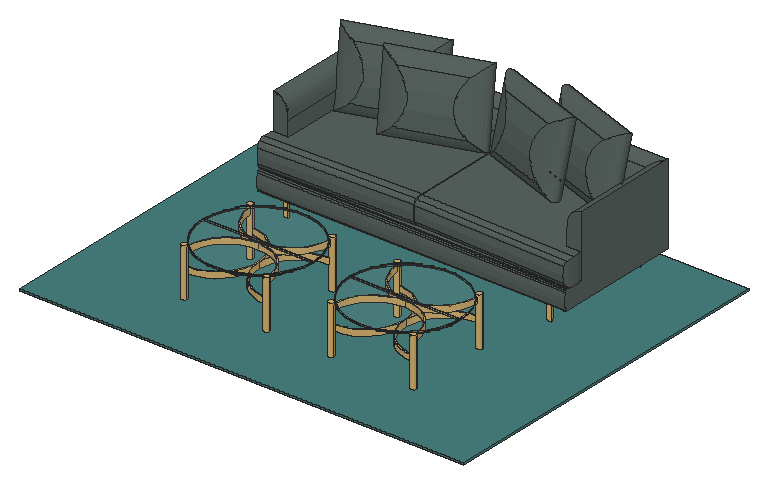
Revit family "Gus-Margot_01_Layout-Teknion-R2016", category Furniture Systems, Revit 2016
Family settings
  Part Type = Normal
  Round Connector Dimension = Use Diameter
  OmniClass Number = 23.40.70.14.64.21
  OmniClass Title = Systems Furniture
  Work Plane-Based = No
  Always vertical = Yes
  Cut with Voids When Loaded = No
  Shared = Yes
  Room Calculation Point = No
Parameters (values of type "Margot 01")
  Warranty = "https://d2r72yk5wmppdj.cloudfront.net/m/03d6e2ec3734b7d8/original/"
  URL = "http://www.teknion.com/ca/products/landing-pages/gus-modern"
  Series = "Gus Modern"  # constant formula
  Product Page URL = "http://teknionplanningtool.com/"
  Product Line = "Gus Modern"  # constant formula
  Model = "Gus - Margot Layout 01"
  Manufacturer Phone = "416.534.0773 x37"  # constant formula
  Manufacturer Fax = "416.534.2452"  # constant formula
  Manufacturer Contact Information = "Teknion@gusdesigngroup.com"
  Manufacturer Address = "223 Evans Avenue. Toronto, Ontario, Canada. M8Z 1J5"  # constant formula
  Manufacturer = "Gus* Modern"  # constant formula
  How to Add Texture Images to your Revit Project [instance] = "https://assets.teknion.com/m/205dd0a49fa58060/original/How-to-add-a-Material-Library-and-Texture-Images-to-your-Revit-project.pdf"
  Download Gus Texture Images to create renders [instance] = "https://assets.teknion.com/m/29cde7a75cc33916/original/Gus_Materials-Tileable.zip&sa=D&source=hangouts&ust=1586961390137000&usg=AFQjCNGxXSYn9ovBZDnVxL7hRXyzMWMijw"
  Description = "8'-0\" x 10'-0\" Overall"
  Assembly Code = "E2020200"
Reference planes (in)
  plane 1 "Center F/B": y = 2.24484
  plane 2: z = 0
  plane 3 "Center L/R": x = -0.49608
  plane 4 "Top": z = 29
  plane 5: x = -60.49608
  plane 6: y = -45.74729
  plane 7: y = 50.23696
  plane 8: x = 59.50392
Dimensions and locks (in)
  locked: plane 4 "Top" to level at 29
  equal spacing: plane 5, plane 3 "Center L/R", plane 8
  equal spacing: plane 7, plane 1 "Center F/B", plane 6
  plane 7 to plane 6 = 95.98425"
  plane 5 to plane 8 = 120.000"
  aligned and locked: level to plane 2
Nested families (in)
  nested 1: "Seating-Sofa-Teknion-ECSFMARG_Margot-R2016" at (-0.49608, 28.67737, 0), type "Velvet Spruce Brass Legs"
  nested 2: "Rug-Teknion-ECRGGRAD_Gradient-R2016" at (5.78738, 0.80389, 0) x (0, -1, 0) z (0, 0, 1), type "Boreal 8x10"
  nested 3: "Table-Teknion-ECCTCOMP_Compass-R2016" at (-19.90374, -16.02306, 0), type "Champagne"
  nested 4: "Table-Teknion-ECCTCOMP_Compass-R2016" at (19.82191, -16.02293, 0), type "Champagne"
Definition of nested family "Seating-Sofa-Teknion-ECSFMARG_Margot-R2016"
  Parameters (values of type "Velvet London Brass Legs")
    Warranty = "https://d2r72yk5wmppdj.cloudfront.net/m/03d6e2ec3734b7d8/original/Gus-Limited-Warranty.pdf"
    URL = "http://www.teknion.com/ca/products/landing-pages/gus-modern"
    Series = "Gus Modern"  # constant formula
    Seat Upholstery Finish = none
    Seat Paint Finish = none
    Product Page URL = "http://www.teknion.com/ca/products/landing-pages/gus-modern"
    Product Line = "Margot"
    Part Number = "ECSFMARG"
    Model = "ECSFMARG-vellon"
    Manufacturer Phone = "416.534.0773 x37"  # constant formula
    Manufacturer Fax = "416.534.2452"  # constant formula
    Manufacturer Contact Information = "Teknion@gusdesigngroup.com"
    Manufacturer Address = "223 Evans Avenue. Toronto, Ontario. Canada. M8Z 1J5"  # constant formula
    Manufacturer = "Gus* Modern"  # constant formula
    Description = "Margot Sofa Velvet London Brass Legs"
    Assembly Code = "E2020200"
  Types (10): name | Model | Description
    Velvet London Brass Legs | "ECSFMARG-vellon" | "Margot Sofa Velvet London Brass Legs"
    Velvet London Black Legs | "ECSFMARG-vellon" | "Margot Sofa Velvet London Black Legs"
    Velvet Midnight Black Legs | "ECSFMARG-velmid" | "Margot Sofa Velvet Midnight Black Legs"
    Velvet Midnight Brass Legs | "ECSFMARG-velmid" | "Margot Sofa Velvet Midnight Brass Legs"
    Velvet Spruce Brass Legs | "ECSFMARG-velspr" | "Margot Sofa Velvet Spruce Brass Legs"
    Velvet Spruce Black Legs | "ECSFMARG-velspr" | "Margot Sofa Velvet Spruce Black Legs"
    Velvet Blush Black Legs | "ECSFMARG-velblu" | "Margot Sofa Velvet Blush Black Legs"
    Velvet Blush Brass Legs | "ECSFMARG-velblu" | "Margot Sofa Velvet Blush Brass Legs"
    Thea Moonstone Brass Legs | "ECSFMARG-THEMOO" | "Margot Sofa Thea Moonstone Brass Legs"
    Thea Moonstone Black Legs | "ECSFMARG-THEMOO" | "Margot Sofa Thea Moonstone Black Legs"
  Reference planes (in)
    plane 1 "Center Front/Back": y = 0
    plane 2: z = 0
    plane 3 "Center Left/Right": x = 0
    plane 4 "Left": x = -41.58203
    plane 5 "Right": x = 41.58203
    plane 6 "Back": y = 17.44787
    plane 7 "Front": y = -17.449
    plane 8 "Top": z = 63
    plane 9: through (-0.23616, -16.29145, 48) normal (0.0281, -0.9996, 0)
    plane 10: through (0.00541, -16.29145, 48) normal (0.0281, 0.9996, 0)
    plane 11 "CUT": through (-37.35666, -4.14035, 48) normal (-0.9455, -0.3256, 0)
    plane 12: through (-40.88725, -4.12316, 17.26753) normal (-0.3185, 0.9249, -0.2079)
    plane 13 "Cut": through (-42.29454, -0.03611, 37.60354) normal (-0.0677, 0.1966, 0.9781)
  Forms (in)
    Sweep 1, solid, material <- "Seat Paint Finish"
      path origin (0, 0, 0) x (1, 0, 0) y (0, 0, 1)
        loop
          line (0, 0) -> (0, 5.31501)
      profile origin (0, 0, 2.6575) x (-1, 0, 0) y (0, -1, 0)
        loop
          circle (35.7743, 14.8815) r 0.55
        loop
          circle (-35.47743, 14.89712) r 0.55
        loop
          circle (35.7743, -15.24575) r 0.55
        loop
          circle (-35.49305, -15.23404) r 0.55
    Sweep 2, solid, material <- "Seat Paint Finish"
      path origin (-0.125, 0, 0) x (1, 0, 0) y (0, 0, 1)
        loop
          line (0, 5.39375) -> (0, 5.31501)
      profile origin (-0.125, 0, 5.35438) x (0, -1, 0) y (1, 0, 0)
        loop
          circle (14.8815, -35.65088) r 0.75
        loop
          circle (-15.24868, -35.64307) r 0.75
        loop
          circle (14.89712, 35.59619) r 0.75
        loop
          circle (-15.23306, 35.61182) r 0.75
    Sweep 3, solid, material <- "Seat Upholstery Finish"
      path origin (0, 0, 0) x (1, 0, 0) y (0, 1, 0)
        loop
          line (0, -11.796) -> (0, 17.44787)
      profile origin (0, 2.82594, 0) x (-1, 0, 0) y (0, 0, 1)
        loop
          line (41.58203, 10.56121) -> (41.58203, 27.20952)
          spline (41.58203, 27.20952) -> (40.89606, 27.00588) -> (40.28833, 26.77894) -> (39.7553, 26.52087) -> (39.29342, 26.22384) -> (38.89915, 25.88002) -> (38.56894, 25.48159) -> (38.29926, 25.0207) -> (38.08655, 24.48955) -> (37.92728, 23.88028) -> (37.81791, 23.18508) -> (37.75488, 22.39612) -> (37.73466, 21.50556)
          line (37.73466, 21.50556) -> (37.73466, 10.56121) -> (41.58203, 10.56121)
        loop
          line (-41.58203, 10.56121) -> (-37.73466, 10.56121) -> (-37.73466, 21.50556)
          spline (-37.73466, 21.50556) -> (-37.75488, 22.39612) -> (-37.81791, 23.18508) -> (-37.92728, 23.88028) -> (-38.08655, 24.48955) -> (-38.29926, 25.0207) -> (-38.56894, 25.48159) -> (-38.89915, 25.88002) -> (-39.29342, 26.22384) -> (-39.7553, 26.52087) -> (-40.28833, 26.77894) -> (-40.89606, 27.00588) -> (-41.58203, 27.20952)
          line (-41.58203, 27.20952) -> (-41.58203, 10.56121)
    Sweep 4, solid, material <- "Seat Upholstery Finish"
      path origin (0, 0, 0) x (1, 0, 0) y (0, 1, 0)
        loop
          line (-41.41797, 0) -> (41.33203, 0)
      profile origin (-0.04297, 0, 0) x (0, 1, 0) y (0, 0, 1)
        loop
          arc (17.44787, 27.20952) -> (15.55842, 26.8023) -> (14.10822, 25.52452) r 3.83122
          arc (14.10822, 25.52452) -> (13.03972, 23.38186) -> (12.56232, 21.03564) r 9.16993
          line (12.56232, 21.03564) -> (11.82987, 10.56121) -> (17.44787, 10.56121) -> (17.44787, 27.20952)
    Sweep 5, solid, material <- "Seat Upholstery Finish"
      path origin (0, 0, 0) x (1, 0, 0) y (0, 1, 0)
        loop
          line (-41.58203, 0) -> (41.58203, 0)
      profile origin (0, 0, 0) x (0, 1, 0) y (0, 0, 1)
        loop
          line (17.44787, 10.56121) -> (-16.16101, 10.56121)
          arc (-16.16101, 10.56121) -> (-16.35114, 10.5483) -> (-16.53777, 10.50979) r 1.40592
          arc (-16.53777, 10.50979) -> (-16.76321, 10.41879) -> (-16.96269, 10.27982) r 1.08388
          arc (-16.96269, 10.27982) -> (-17.09263, 10.12183) -> (-17.17035, 9.9326) r 0.68772
          arc (-17.17035, 9.9326) -> (-17.42703, 7.8076) -> (-17.17035, 5.6826) r 8.9246
          arc (-17.17035, 5.6826) -> (-17.03613, 5.47458) -> (-16.80213, 5.39375) r 0.37912
          line (-16.80213, 5.39375) -> (17.44787, 5.39375) -> (17.44787, 10.56121)
    Sweep 6, solid, material <- "Seat Upholstery Finish"
      path origin (0, 0, 0) x (1, 0, 0) y (0, 0, 1)
        loop
          line (0, 10.56121) -> (0, 17.56121)
      profile origin (0, 0, 14.06121) x (-1, 0, 0) y (0, -1, 0)
        loop
          line (37.73466, -11.68126) -> (37.73466, 11.80477) -> (41.58203, 11.80477)
          arc (41.58203, 11.80477) -> (42.02127, 14.64753) -> (41.36864, 17.449) r 7.57258
          line (41.36864, 17.449) -> (0.23616, 16.29145) -> (0.23616, -11.68126) -> (37.73466, -11.68126)
        loop
          line (-37.5039, -11.68126) -> (-0.00541, -11.68126) -> (-0.00541, 16.29145) -> (-41.13789, 17.449)
          arc (-41.13789, 17.449) -> (-41.79052, 14.64753) -> (-41.35128, 11.80477) r 7.57258
          line (-41.35128, 11.80477) -> (-37.5039, 11.80477) -> (-37.5039, -11.68126)
    Sweep 7, void
      path origin (0, 0, 0) x (1, 0, 0) y (0, 1, 0)
        loop
          line (-42.34866, -17.47658) -> (-0.11538, -16.28805)
      profile origin (-21.23202, -16.88232, 0) x (-0.028131, 0.999604, 0) y (0, 0, 1)
        loop
          line (2.8125, 17.56121) -> (4.0625, 17.56121) -> (4.0625, 20.56121) -> (-3.9375, 20.56121) -> (-3.9375, 7.56121) -> (4.0625, 7.56121) -> (4.0625, 10.56121) -> (2.8125, 10.56121)
          arc (2.8125, 10.56121) -> (1.89577, 10.66873) -> (1.02879, 10.98545) r 3.96196
          arc (1.02879, 10.98545) -> (0.49589, 11.42793) -> (0.20974, 12.05872) r 1.54575
          arc (0.20974, 12.05872) -> (0.0089, 14.06121) -> (0.20974, 16.06371) r 10.08359
          arc (0.20974, 16.06371) -> (0.49589, 16.6945) -> (1.02879, 17.13698) r 1.54575
          arc (1.02879, 17.13698) -> (1.89577, 17.4537) -> (2.8125, 17.56121) r 3.96196
    Sweep 8, void
      path origin (0, 0, 0) x (1, 0, 0) y (0, 1, 0)
        loop
          line (42.1174, -17.47658) -> (-0.11588, -16.28805)
      profile origin (21.00076, -16.88232, 0) x (-0.028131, -0.999604, 0) y (0, 0, 1)
        loop
          arc (-2.8125, 17.56121) -> (-1.89577, 17.4537) -> (-1.02879, 17.13698) r 3.96196
          arc (-1.02879, 17.13698) -> (-0.49589, 16.6945) -> (-0.20974, 16.06371) r 1.54575
          arc (-0.20974, 16.06371) -> (-0.0089, 14.06121) -> (-0.20974, 12.05872) r 10.08359
          arc (-0.20974, 12.05872) -> (-0.49589, 11.42793) -> (-1.02879, 10.98545) r 1.54575
          arc (-1.02879, 10.98545) -> (-1.89577, 10.66873) -> (-2.8125, 10.56121) r 3.96196
          line (-2.8125, 10.56121) -> (-4.0625, 10.56121) -> (-4.0625, 7.56121) -> (3.9375, 7.56121) -> (3.9375, 20.56121) -> (-4.0625, 20.56121) -> (-4.0625, 17.56121) -> (-2.8125, 17.56121)
    Sweep 9, solid, material <- "Seat Upholstery Finish"
      path origin (2, 0.98473, 0) x (1, 0, 0) y (0, 1, 0)
        loop
          line (-26.61622, 1.24219) -> (-2.97825, 9.38139)
      profile origin (-12.79724, 6.29652, 0) x (-0.325568, 0.945519, 0) y (0, 0, 1)
        loop
          spline (6.13072, 32.98525) -> (5.81758, 34.0052) -> (5.46918, 34.85931) -> (5.08553, 35.54757) -> (4.66663, 36.06997) -> (4.21247, 36.42652) -> (3.72306, 36.61722) -> (3.1984, 36.64207) -> (2.63849, 36.50106) -> (2.04332, 36.19421) -> (1.4129, 35.7215) -> (0.74723, 35.08294) -> (0.04631, 34.27853)
          arc (0.04631, 34.27853) -> (-2.37675, 27.63718) -> (-2.86446, 20.58446) r 25.25992
          spline (-2.86446, 20.58446) -> (-2.55131, 19.5645) -> (-2.20292, 18.7104) -> (-1.81927, 18.02214) -> (-1.40037, 17.49974) -> (-0.94621, 17.14319) -> (-0.4568, 16.95249) -> (0.06786, 16.92764) -> (0.62777, 17.06864) -> (1.22294, 17.3755) -> (1.85336, 17.84821) -> (2.51903, 18.48677) -> (3.21996, 19.29118)
          arc (3.21996, 19.29118) -> (5.64301, 25.93253) -> (6.13072, 32.98525) r 25.25992
    Sweep 10, void
      path origin (-34.76272, -11.67369, -0.17409) x (0.325568, -0.945519, 0) y (0, 0, 1)
        loop
          line (-13.73562, 37.60354) -> (-8.95365, 15.10615)
      profile origin (-38.45617, -0.94713, 26.18076) x (0.318454, -0.924857, 0.207912) y (-0.945519, -0.325568, 0)
        loop
          line (4.09946, -31.90756) -> (4.09946, -21.33104)
          spline (4.09946, -21.33104) -> (3.41622, -19.12818) -> (2.73297, -17.32584) -> (2.04973, -15.92402) -> (1.36649, -14.92272) -> (0.68324, -14.32194) -> (0, -14.12168) -> (-0.68324, -14.32194) -> (-1.36649, -14.92272) -> (-2.04973, -15.92402) -> (-2.73297, -17.32584) -> (-3.41622, -19.12818) -> (-4.09946, -21.33104)
          line (-4.09946, -21.33104) -> (-4.09946, -31.90756)
          spline (-4.09946, -31.90756) -> (-3.41622, -34.11042) -> (-2.73297, -35.91276) -> (-2.04973, -37.31458) -> (-1.36649, -38.31588) -> (-0.68324, -38.91666) -> (0, -39.11691) -> (0.68324, -38.91666) -> (1.36649, -38.31588) -> (2.04973, -37.31458) -> (2.73297, -35.91276) -> (3.41622, -34.11042) -> (4.09946, -31.90756)
        loop
          line (6.21035, -41.93993) -> (6.21035, -11.18993) -> (-6.53965, -11.18993) -> (-6.53965, -41.93993) -> (6.21035, -41.93993)
    Sweep 11, solid, material <- "Seat Upholstery Finish"
      path origin (-11.15865, 2.83947, 0) x (1, 0, 0) y (0, 1, 0)
        loop
          line (-26.61622, 1.24219) -> (-2.97825, 9.38139)
      profile origin (-25.95589, 8.15126, 0) x (-0.325568, 0.945519, 0) y (0, 0, 1)
        loop
          spline (6.13072, 33.15934) -> (5.81758, 34.1793) -> (5.46918, 35.0334) -> (5.08553, 35.72166) -> (4.66663, 36.24406) -> (4.21247, 36.60061) -> (3.72306, 36.79131) -> (3.1984, 36.81616) -> (2.63849, 36.67515) -> (2.04332, 36.3683) -> (1.4129, 35.89559) -> (0.74723, 35.25703) -> (0.04631, 34.45262)
          arc (0.04631, 34.45262) -> (-2.37675, 27.81127) -> (-2.86446, 20.75855) r 25.25992
          spline (-2.86446, 20.75855) -> (-2.55131, 19.73859) -> (-2.20292, 18.88449) -> (-1.81927, 18.19623) -> (-1.40037, 17.67383) -> (-0.94621, 17.31728) -> (-0.4568, 17.12658) -> (0.06786, 17.10173) -> (0.62777, 17.24273) -> (1.22294, 17.54959) -> (1.85336, 18.0223) -> (2.51903, 18.66086) -> (3.21996, 19.46527)
          arc (3.21996, 19.46527) -> (5.64301, 26.10662) -> (6.13072, 33.15934) r 25.25992
    Sweep 12, void
      path origin (-45.83023, -9.09891, 0) x (0.325568, -0.945519, 0) y (0, 0, 1)
        loop
          line (-13.73562, 37.60354) -> (-8.95365, 15.10615)
      profile origin (-49.52368, 1.62765, 26.35485) x (0.318454, -0.924857, 0.207912) y (-0.945519, -0.325568, 0)
        loop
          line (4.09946, -29.69593) -> (4.09946, -19.11941)
          spline (4.09946, -19.11941) -> (3.41622, -16.91655) -> (2.73297, -15.11421) -> (2.04973, -13.71239) -> (1.36649, -12.71109) -> (0.68324, -12.11031) -> (0, -11.91005) -> (-0.68324, -12.11031) -> (-1.36649, -12.71109) -> (-2.04973, -13.71239) -> (-2.73297, -15.11421) -> (-3.41622, -16.91655) -> (-4.09946, -19.11941)
          line (-4.09946, -19.11941) -> (-4.09946, -29.69593)
          spline (-4.09946, -29.69593) -> (-3.41622, -31.89878) -> (-2.73297, -33.70112) -> (-2.04973, -35.10294) -> (-1.36649, -36.10424) -> (-0.68324, -36.70502) -> (0, -36.90528) -> (0.68324, -36.70502) -> (1.36649, -36.10424) -> (2.04973, -35.10294) -> (2.73297, -33.70112) -> (3.41622, -31.89878) -> (4.09946, -29.69593)
        loop
          line (6.21035, -39.7283) -> (6.21035, -8.9783) -> (-6.53965, -8.9783) -> (-6.53965, -39.7283) -> (6.21035, -39.7283)
    Sweep 13, solid, material <- "Seat Upholstery Finish"
      path origin (-2.5, 0.98381, 0) x (-1, 0, 0) y (0, 1, 0)
        loop
          line (-26.61622, 1.24219) -> (-2.97825, 9.38139)
      profile origin (12.29724, 6.2956, 0) x (-0.325568, -0.945519, 0) y (0, 0, 1)
        loop
          arc (-6.13072, 32.98013) -> (-5.64301, 25.92741) -> (-3.21996, 19.28606) r 25.25992
          spline (-3.21996, 19.28606) -> (-2.51903, 18.48165) -> (-1.85336, 17.84309) -> (-1.22294, 17.37038) -> (-0.62777, 17.06352) -> (-0.06786, 16.92252) -> (0.4568, 16.94737) -> (0.94621, 17.13807) -> (1.40037, 17.49462) -> (1.81927, 18.01702) -> (2.20292, 18.70528) -> (2.55131, 19.55938) -> (2.86446, 20.57934)
          arc (2.86446, 20.57934) -> (2.37675, 27.63206) -> (-0.04631, 34.27341) r 25.25992
          spline (-0.04631, 34.27341) -> (-0.74723, 35.07782) -> (-1.4129, 35.71638) -> (-2.04332, 36.18909) -> (-2.63849, 36.49594) -> (-3.1984, 36.63695) -> (-3.72306, 36.6121) -> (-4.21247, 36.4214) -> (-4.66663, 36.06485) -> (-5.08553, 35.54245) -> (-5.46918, 34.85419) -> (-5.81758, 34.00008) -> (-6.13072, 32.98013)
    Sweep 14, void
      path origin (32.17158, -10.95457, -0.17921) x (-0.325568, -0.945519, 0) y (0, 0, -1)
        loop
          line (-13.73562, -37.60354) -> (-8.95365, -15.10615)
      profile origin (35.86503, -0.22801, 26.17564) x (0.318454, 0.924857, -0.207912) y (0.945519, -0.325568, 0)
        loop
          spline (-4.09946, -29.69593) -> (-3.41622, -31.89878) -> (-2.73297, -33.70112) -> (-2.04973, -35.10294) -> (-1.36649, -36.10424) -> (-0.68324, -36.70502) -> (0, -36.90528) -> (0.68324, -36.70502) -> (1.36649, -36.10424) -> (2.04973, -35.10294) -> (2.73297, -33.70112) -> (3.41622, -31.89878) -> (4.09946, -29.69593)
          line (4.09946, -29.69593) -> (4.09946, -19.11941)
          spline (4.09946, -19.11941) -> (3.41622, -16.91655) -> (2.73297, -15.11421) -> (2.04973, -13.71239) -> (1.36649, -12.71109) -> (0.68324, -12.11031) -> (0, -11.91005) -> (-0.68324, -12.11031) -> (-1.36649, -12.71109) -> (-2.04973, -13.71239) -> (-2.73297, -15.11421) -> (-3.41622, -16.91655) -> (-4.09946, -19.11941)
          line (-4.09946, -19.11941) -> (-4.09946, -29.69593)
        loop
          line (-6.21035, -39.7283) -> (6.53965, -39.7283) -> (6.53965, -8.9783) -> (-6.21035, -8.9783) -> (-6.21035, -39.7283)
    Sweep 15, solid, material <- "Seat Upholstery Finish"
      path origin (11.15865, 2.83947, 0) x (-1, 0, 0) y (0, 1, 0)
        loop
          line (-26.61622, 1.24219) -> (-2.97825, 9.38139)
      profile origin (25.95589, 8.15126, 0) x (-0.325568, -0.945519, 0) y (0, 0, 1)
        loop
          arc (-6.13072, 33.15934) -> (-5.64301, 26.10662) -> (-3.21996, 19.46527) r 25.25992
          spline (-3.21996, 19.46527) -> (-2.51903, 18.66086) -> (-1.85336, 18.0223) -> (-1.22294, 17.54959) -> (-0.62777, 17.24273) -> (-0.06786, 17.10173) -> (0.4568, 17.12658) -> (0.94621, 17.31728) -> (1.40037, 17.67383) -> (1.81927, 18.19623) -> (2.20292, 18.88449) -> (2.55131, 19.73859) -> (2.86446, 20.75855)
          arc (2.86446, 20.75855) -> (2.37675, 27.81127) -> (-0.04631, 34.45262) r 25.25992
          spline (-0.04631, 34.45262) -> (-0.74723, 35.25703) -> (-1.4129, 35.89559) -> (-2.04332, 36.3683) -> (-2.63849, 36.67515) -> (-3.1984, 36.81616) -> (-3.72306, 36.79131) -> (-4.21247, 36.60061) -> (-4.66663, 36.24406) -> (-5.08553, 35.72166) -> (-5.46918, 35.0334) -> (-5.81758, 34.1793) -> (-6.13072, 33.15934)
    Sweep 16, void
      path origin (45.83023, -9.09891, 0) x (-0.325568, -0.945519, 0) y (0, 0, -1)
        loop
          line (-13.73562, -37.60354) -> (-8.95365, -15.10615)
      profile origin (49.52368, 1.62765, 26.35485) x (0.318454, 0.924857, -0.207912) y (0.945519, -0.325568, 0)
        loop
          spline (-4.09946, -29.69593) -> (-3.41622, -31.89878) -> (-2.73297, -33.70112) -> (-2.04973, -35.10294) -> (-1.36649, -36.10424) -> (-0.68324, -36.70502) -> (0, -36.90528) -> (0.68324, -36.70502) -> (1.36649, -36.10424) -> (2.04973, -35.10294) -> (2.73297, -33.70112) -> (3.41622, -31.89878) -> (4.09946, -29.69593)
          line (4.09946, -29.69593) -> (4.09946, -19.11941)
          spline (4.09946, -19.11941) -> (3.41622, -16.91655) -> (2.73297, -15.11421) -> (2.04973, -13.71239) -> (1.36649, -12.71109) -> (0.68324, -12.11031) -> (0, -11.91005) -> (-0.68324, -12.11031) -> (-1.36649, -12.71109) -> (-2.04973, -13.71239) -> (-2.73297, -15.11421) -> (-3.41622, -16.91655) -> (-4.09946, -19.11941)
          line (-4.09946, -19.11941) -> (-4.09946, -29.69593)
        loop
          line (-6.21035, -39.7283) -> (6.53965, -39.7283) -> (6.53965, -8.9783) -> (-6.21035, -8.9783) -> (-6.21035, -39.7283)
  Cuts and joins
    Sweep 7, Sweep 8 cuts Sweep 6
    Sweep 10, Sweep 16 cuts Sweep 9
    Sweep 12, Sweep 14, Sweep 16 cuts Sweep 11
    Sweep 14 cuts Sweep 13
    Sweep 14 cuts Sweep 3
    Sweep 12, Sweep 14, Sweep 16 cuts Sweep 5
    joined: Sweep 3, Sweep 4, Sweep 5
    Sweep 16 cuts Sweep 15
  Lines and regions (in)
    Masking region 1
      outline origin (0, 0, 0) x (1, 0, 0) y (0, 1, 0)
        loop
          line (-41.58203, -11.796) -> (-37.73466, -11.796) -> (-37.73466, 3.954) -> (-38.99048, 7.60118)
          spline (-38.99048, 7.60118) -> (-39.0299, 7.77068) -> (-39.04313, 7.94454) -> (-39.03016, 8.12276) -> (-38.991, 8.30535) -> (-38.92564, 8.49231) -> (-38.83408, 8.68363) -> (-38.71634, 8.87932) -> (-38.57239, 9.07937) -> (-38.40225, 9.28379) -> (-38.20591, 9.49257) -> (-37.98338, 9.70572) -> (-37.73466, 9.92323)
          line (-37.73466, 9.92323) -> (-37.73466, 11.82987) -> (-34.10325, 11.82987) -> (-20.0587, 16.6658)
          spline (-20.0587, 16.6658) -> (-19.63813, 16.71313) -> (-19.2296, 16.75089) -> (-18.82712, 16.77874) -> (-18.40969, 16.79634) -> (-17.99398, 16.80008) -> (-17.58336, 16.78675) -> (-17.1739, 16.75275) -> (-16.76488, 16.68893) -> (-16.35898, 16.58426) -> (-15.95833, 16.41935) -> (-15.61806, 16.14608) -> (-15.34901, 15.74109)
          line (-15.34901, 15.74109) -> (-14.14368, 12.28488) -> (-6.90005, 14.81106)
          spline (-6.90005, 14.81106) -> (-6.47948, 14.85839) -> (-6.07095, 14.89615) -> (-5.66847, 14.92401) -> (-5.25104, 14.9416) -> (-4.83533, 14.94534) -> (-4.42471, 14.93201) -> (-4.01525, 14.89801) -> (-3.60623, 14.8342) -> (-3.20033, 14.72953) -> (-2.79969, 14.56461) -> (-2.45941, 14.29135) -> (-2.19037, 13.88635)
          line (-2.19037, 13.88635) -> (-1.47318, 11.82987) -> (0.98469, 11.82987) -> (1.69037, 13.88543)
          spline (1.69037, 13.88543) -> (1.95941, 14.29043) -> (2.29969, 14.56369) -> (2.70033, 14.72861) -> (3.10623, 14.83328) -> (3.51525, 14.89709) -> (3.92471, 14.93109) -> (4.33533, 14.94442) -> (4.75104, 14.94069) -> (5.16847, 14.92309) -> (5.57095, 14.89523) -> (5.97948, 14.85748) -> (6.40005, 14.81014)
          line (6.40005, 14.81014) -> (14.1139, 12.15405) -> (15.34901, 15.74109)
          spline (15.34901, 15.74109) -> (15.61806, 16.14608) -> (15.95833, 16.41935) -> (16.35898, 16.58426) -> (16.76488, 16.68893) -> (17.1739, 16.75275) -> (17.58336, 16.78675) -> (17.99398, 16.80008) -> (18.40969, 16.79634) -> (18.82712, 16.77874) -> (19.2296, 16.75089) -> (19.63813, 16.71313) -> (20.0587, 16.6658)
          line (20.0587, 16.6658) -> (34.10325, 11.82987) -> (37.73466, 11.82987) -> (37.73466, 9.92117)
          spline (37.73466, 9.92117) -> (37.98855, 9.69932) -> (38.21525, 9.48267) -> (38.41476, 9.27121) -> (38.58709, 9.06495) -> (38.73223, 8.86388) -> (38.85019, 8.66801) -> (38.94095, 8.47734) -> (39.00453, 8.29186) -> (39.04092, 8.11157) -> (39.05013, 7.93648) -> (39.03215, 7.76658) -> (38.98698, 7.60188)
          line (38.98698, 7.60188) -> (37.73466, 3.954) -> (37.73466, -11.796) -> (41.58203, -11.796) -> (41.58203, 17.44787) -> (-41.58203, 17.44787) -> (-41.58203, -11.796)
    Masking region 2
      outline origin (0, 0, 0) x (1, 0, 0) y (0, 1, 0)
        loop
          line (-20.0587, 16.6658) -> (-35.84501, 11.23014)
          spline (-35.84501, 11.23014) -> (-36.20556, 11.00851) -> (-36.55073, 10.78674) -> (-36.88504, 10.5609) -> (-37.22481, 10.31777) -> (-37.5547, 10.06478) -> (-37.87007, 9.80147) -> (-38.17179, 9.52259) -> (-38.45481, 9.22049) -> (-38.71023, 8.88811) -> (-38.92441, 8.51149) -> (-39.02431, 8.08667) -> (-38.98698, 7.60188)
          spline (-38.98698, 7.60188) -> (-38.70736, 7.16617) -> (-38.34194, 6.81988) -> (-37.9095, 6.56264) -> (-37.46873, 6.35668) -> (-37.02318, 6.18677) -> (-36.57642, 6.04445) -> (-36.12755, 5.92005) -> (-35.67261, 5.80984) -> (-35.21531, 5.71164) -> (-34.774, 5.62672) -> (-34.32579, 5.54926) -> (-33.86411, 5.47721)
          line (-33.86411, 5.47721) -> (-18.07781, 10.91287)
          spline (-18.07781, 10.91287) -> (-17.75836, 11.25389) -> (-17.45286, 11.59086) -> (-17.15738, 11.92948) -> (-16.85748, 12.28841) -> (-16.56683, 12.65534) -> (-16.28971, 13.02972) -> (-16.02528, 13.41693) -> (-15.77879, 13.82513) -> (-15.55825, 14.25879) -> (-15.37586, 14.72773) -> (-15.30111, 15.22559) -> (-15.34901, 15.74109)
          spline (-15.34901, 15.74109) -> (-15.61808, 16.14608) -> (-15.95862, 16.41916) -> (-16.35934, 16.5839) -> (-16.76488, 16.68893) -> (-17.17396, 16.75264) -> (-17.58337, 16.78673) -> (-17.9938, 16.80022) -> (-18.40969, 16.79634) -> (-18.82703, 16.77875) -> (-19.22955, 16.75089) -> (-19.63804, 16.71313) -> (-20.0587, 16.6658)
        loop
          spline (15.34901, 15.74109) -> (15.30111, 15.22559) -> (15.37586, 14.72773) -> (15.55825, 14.25879) -> (15.77879, 13.82513) -> (16.02528, 13.41693) -> (16.28971, 13.02972) -> (16.56683, 12.65534) -> (16.85748, 12.28841) -> (17.15738, 11.92948) -> (17.45286, 11.59086) -> (17.75836, 11.25389) -> (18.07781, 10.91287)
          line (18.07781, 10.91287) -> (33.86411, 5.47721)
          spline (33.86411, 5.47721) -> (34.32579, 5.54926) -> (34.774, 5.62672) -> (35.21531, 5.71164) -> (35.67261, 5.80984) -> (36.12755, 5.92005) -> (36.57642, 6.04445) -> (37.02318, 6.18677) -> (37.46873, 6.35668) -> (37.9095, 6.56264) -> (38.34194, 6.81988) -> (38.70736, 7.16617) -> (38.98698, 7.60188)
          spline (38.98698, 7.60188) -> (39.02431, 8.08667) -> (38.92441, 8.51149) -> (38.71023, 8.88811) -> (38.45481, 9.22049) -> (38.17179, 9.52259) -> (37.87007, 9.80147) -> (37.5547, 10.06478) -> (37.22481, 10.31777) -> (36.88504, 10.5609) -> (36.55073, 10.78674) -> (36.20556, 11.00851) -> (35.84501, 11.23014)
          line (35.84501, 11.23014) -> (20.0587, 16.6658)
          spline (20.0587, 16.6658) -> (19.63809, 16.71313) -> (19.22974, 16.75085) -> (18.82692, 16.77877) -> (18.40969, 16.79634) -> (17.99398, 16.80007) -> (17.58335, 16.78676) -> (17.17395, 16.75264) -> (16.76488, 16.68893) -> (16.35934, 16.5839) -> (15.95862, 16.41916) -> (15.61806, 16.14602) -> (15.34901, 15.74109)
    Masking region 3
      outline origin (0, 0, 0) x (1, 0, 0) y (0, 1, 0)
        loop
          line (-6.90005, 14.81106) -> (-22.68636, 9.3754)
          spline (-22.68636, 9.3754) -> (-23.04691, 9.15377) -> (-23.39209, 8.932) -> (-23.72639, 8.70616) -> (-24.06617, 8.46303) -> (-24.39605, 8.21004) -> (-24.71142, 7.94674) -> (-25.01314, 7.66785) -> (-25.29617, 7.36575) -> (-25.55158, 7.03338) -> (-25.76576, 6.65676) -> (-25.86566, 6.23193) -> (-25.82833, 5.74715)
          spline (-25.82833, 5.74715) -> (-25.54871, 5.31143) -> (-25.18329, 4.96514) -> (-24.75085, 4.7079) -> (-24.31008, 4.50195) -> (-23.86453, 4.33203) -> (-23.41777, 4.18971) -> (-22.9689, 4.06531) -> (-22.51396, 3.9551) -> (-22.05666, 3.8569) -> (-21.61535, 3.77198) -> (-21.16715, 3.69453) -> (-20.70547, 3.62247)
          line (-20.70547, 3.62247) -> (-4.91916, 9.05814)
          spline (-4.91916, 9.05814) -> (-4.59971, 9.39915) -> (-4.29421, 9.73613) -> (-3.99873, 10.07474) -> (-3.69883, 10.43367) -> (-3.40818, 10.80061) -> (-3.13106, 11.17499) -> (-2.86663, 11.56219) -> (-2.62015, 11.97039) -> (-2.39961, 12.40405) -> (-2.21722, 12.87299) -> (-2.14246, 13.37085) -> (-2.19037, 13.88635)
          spline (-2.19037, 13.88635) -> (-2.45943, 14.29134) -> (-2.79998, 14.56443) -> (-3.20069, 14.72916) -> (-3.60623, 14.8342) -> (-4.01531, 14.8979) -> (-4.42473, 14.932) -> (-4.83515, 14.94548) -> (-5.25104, 14.9416) -> (-5.66838, 14.92402) -> (-6.0709, 14.89615) -> (-6.47939, 14.85839) -> (-6.90005, 14.81106)
        loop
          spline (1.69037, 13.88543) -> (1.64246, 13.36993) -> (1.71722, 12.87207) -> (1.89961, 12.40313) -> (2.12015, 11.96947) -> (2.36663, 11.56127) -> (2.63106, 11.17407) -> (2.90818, 10.79969) -> (3.19883, 10.43276) -> (3.49873, 10.07382) -> (3.79421, 9.73521) -> (4.09971, 9.39823) -> (4.41916, 9.05722)
          line (4.41916, 9.05722) -> (20.20547, 3.62156)
          spline (20.20547, 3.62156) -> (20.66715, 3.69361) -> (21.11535, 3.77106) -> (21.55666, 3.85598) -> (22.01396, 3.95419) -> (22.4689, 4.06439) -> (22.91777, 4.1888) -> (23.36453, 4.33112) -> (23.81008, 4.50103) -> (24.25085, 4.70698) -> (24.68329, 4.96422) -> (25.04871, 5.31051) -> (25.32833, 5.74623)
          spline (25.32833, 5.74623) -> (25.36566, 6.23101) -> (25.26576, 6.65584) -> (25.05158, 7.03246) -> (24.79617, 7.36484) -> (24.51315, 7.66694) -> (24.21142, 7.94582) -> (23.89605, 8.20913) -> (23.56617, 8.46212) -> (23.2264, 8.70525) -> (22.89209, 8.93109) -> (22.54691, 9.15285) -> (22.18636, 9.37448)
          line (22.18636, 9.37448) -> (6.40005, 14.81014)
          spline (6.40005, 14.81014) -> (5.97944, 14.85748) -> (5.5711, 14.89519) -> (5.16827, 14.92311) -> (4.75104, 14.94069) -> (4.33533, 14.94442) -> (3.9247, 14.9311) -> (3.51531, 14.89699) -> (3.10623, 14.83328) -> (2.70069, 14.72825) -> (2.29998, 14.56351) -> (1.95941, 14.29037) -> (1.69037, 13.88543)
    Masking region 4
      outline origin (0, 0, 0) x (1, 0, 0) y (0, 1, 0)
        loop
          spline (-37.62615, 3.64974) -> (-37.3571, 3.24475) -> (-37.01683, 2.97148) -> (-36.61618, 2.80656) -> (-36.21028, 2.7019) -> (-35.80127, 2.63808) -> (-35.39181, 2.60408) -> (-34.98118, 2.59075) -> (-34.56548, 2.59449) -> (-34.14805, 2.61209) -> (-33.74557, 2.63994) -> (-33.33703, 2.6777) -> (-32.91646, 2.72503)
          line (-32.91646, 2.72503) -> (-25.64934, 5.2273) -> (-25.82833, 5.74715)
          spline (-25.82833, 5.74715) -> (-25.87103, 6.20986) -> (-25.78142, 6.61729) -> (-25.58207, 6.98019) -> (-25.34331, 7.30157) -> (-25.07714, 7.59431) -> (-24.79296, 7.86523) -> (-24.49566, 8.12141) -> (-24.18389, 8.36795) -> (-23.86282, 8.60517) -> (-23.5466, 8.82584) -> (-23.22002, 9.04274) -> (-22.87863, 9.25982)
          line (-22.87863, 9.25982) -> (-33.86411, 5.47721)
          spline (-33.86411, 5.47721) -> (-34.32625, 5.54935) -> (-34.77477, 5.62685) -> (-35.21674, 5.71186) -> (-35.67415, 5.81012) -> (-36.12952, 5.92032) -> (-36.57873, 6.04493) -> (-37.02582, 6.18762) -> (-37.4718, 6.35743) -> (-37.91359, 6.56326) -> (-38.34575, 6.82102) -> (-38.7119, 7.16731) -> (-38.99135, 7.6037)
          line (-38.99135, 7.6037) -> (-37.62615, 3.64974)
        loop
          line (-18.0107, 10.98536) -> (-14.15364, 12.31345) -> (-15.34901, 15.74109)
          spline (-15.34901, 15.74109) -> (-15.29932, 15.23474) -> (-15.37124, 14.74518) -> (-15.54787, 14.28378) -> (-15.76348, 13.85657) -> (-16.00426, 13.45461) -> (-16.26228, 13.07286) -> (-16.53297, 12.70377) -> (-16.81717, 12.34206) -> (-17.11019, 11.98832) -> (-17.39936, 11.65416) -> (-17.69815, 11.32184) -> (-18.0107, 10.98536)
        loop
          line (14.1139, 12.15405) -> (22.18636, 9.37448)
          spline (22.18636, 9.37448) -> (22.54695, 9.15283) -> (22.89195, 8.93115) -> (23.22657, 8.70514) -> (23.56617, 8.46212) -> (23.89605, 8.20912) -> (24.21143, 7.94582) -> (24.51303, 7.66689) -> (24.79617, 7.36484) -> (25.05107, 7.03239) -> (25.26542, 6.65587) -> (25.36562, 6.23096) -> (25.32833, 5.74623)
          line (25.32833, 5.74623) -> (25.20261, 5.38112) -> (32.91646, 2.72503)
          spline (32.91646, 2.72503) -> (33.33703, 2.6777) -> (33.74557, 2.63994) -> (34.14805, 2.61209) -> (34.56548, 2.59449) -> (34.98118, 2.59075) -> (35.39181, 2.60408) -> (35.80127, 2.63808) -> (36.21028, 2.7019) -> (36.61618, 2.80656) -> (37.01683, 2.97148) -> (37.3571, 3.24475) -> (37.62615, 3.64974)
          line (37.62615, 3.64974) -> (38.98698, 7.60188)
          spline (38.98698, 7.60188) -> (38.70777, 7.16587) -> (38.34194, 6.81988) -> (37.91014, 6.56233) -> (37.46873, 6.35668) -> (37.0231, 6.18706) -> (36.57642, 6.04445) -> (36.12759, 5.91994) -> (35.67261, 5.80984) -> (35.21559, 5.71166) -> (34.774, 5.62672) -> (34.32586, 5.54929) -> (33.86411, 5.47721)
          line (33.86411, 5.47721) -> (18.07781, 10.91287)
          spline (18.07781, 10.91287) -> (17.75833, 11.25395) -> (17.45286, 11.59086) -> (17.15717, 11.92967) -> (16.85748, 12.28841) -> (16.56674, 12.65528) -> (16.28971, 13.02972) -> (16.02547, 13.41708) -> (15.77879, 13.82513) -> (15.55756, 14.25894) -> (15.37586, 14.72773) -> (15.3006, 15.2256) -> (15.34901, 15.74109)
          line (15.34901, 15.74109) -> (14.1139, 12.15405)
    Masking region 5
      outline origin (0, 0, 0) x (1, 0, 0) y (0, 1, 0)
        loop
          line (-25.82833, 5.74715) -> (-24.4675, 1.795)
          spline (-24.4675, 1.795) -> (-24.19845, 1.39001) -> (-23.85818, 1.11675) -> (-23.45753, 0.95183) -> (-23.05163, 0.84716) -> (-22.64262, 0.78335) -> (-22.23316, 0.74934) -> (-21.82254, 0.73601) -> (-21.40683, 0.73975) -> (-20.9894, 0.75735) -> (-20.58692, 0.7852) -> (-20.17839, 0.82296) -> (-19.75781, 0.87029)
          line (-19.75781, 0.87029) -> (-3.97151, 6.30595)
          spline (-3.97151, 6.30595) -> (-3.61095, 6.52759) -> (-3.26578, 6.74935) -> (-2.93147, 6.97519) -> (-2.5917, 7.21832) -> (-2.26182, 7.47131) -> (-1.94645, 7.73462) -> (-1.64472, 8.0135) -> (-1.3617, 8.3156) -> (-1.10629, 8.64798) -> (-0.89211, 9.0246) -> (-0.79221, 9.44943) -> (-0.82954, 9.93421)
          line (-0.82954, 9.93421) -> (-2.19037, 13.88635)
          spline (-2.19037, 13.88635) -> (-2.14195, 13.37087) -> (-2.21722, 12.87299) -> (-2.39892, 12.40421) -> (-2.62015, 11.97039) -> (-2.86687, 11.56237) -> (-3.13106, 11.17499) -> (-3.40809, 10.80055) -> (-3.69883, 10.43367) -> (-3.99852, 10.07494) -> (-4.29421, 9.73613) -> (-4.59968, 9.39921) -> (-4.91916, 9.05814)
          line (-4.91916, 9.05814) -> (-20.70547, 3.62247)
          spline (-20.70547, 3.62247) -> (-21.16721, 3.69456) -> (-21.61535, 3.77198) -> (-22.05694, 3.85693) -> (-22.51396, 3.9551) -> (-22.96894, 4.06521) -> (-23.41777, 4.18971) -> (-23.86448, 4.33228) -> (-24.31008, 4.50195) -> (-24.75149, 4.7076) -> (-25.18329, 4.96514) -> (-25.54912, 5.31113) -> (-25.82833, 5.74715)
        loop
          line (1.69037, 13.88543) -> (0.32954, 9.93329)
          spline (0.32954, 9.93329) -> (0.29221, 9.44851) -> (0.39211, 9.02368) -> (0.60629, 8.64706) -> (0.8617, 8.31468) -> (1.14472, 8.01258) -> (1.44645, 7.7337) -> (1.76182, 7.47039) -> (2.0917, 7.2174) -> (2.43147, 6.97427) -> (2.76578, 6.74843) -> (3.11095, 6.52667) -> (3.47151, 6.30504)
          line (3.47151, 6.30504) -> (19.25782, 0.86938)
          spline (19.25782, 0.86938) -> (19.67839, 0.82204) -> (20.08692, 0.78429) -> (20.4894, 0.75643) -> (20.90683, 0.73884) -> (21.32254, 0.7351) -> (21.73316, 0.74843) -> (22.14262, 0.78243) -> (22.55163, 0.84624) -> (22.95753, 0.95091) -> (23.35818, 1.11583) -> (23.69845, 1.38909) -> (23.9675, 1.79409)
          line (23.9675, 1.79409) -> (25.32833, 5.74623)
          spline (25.32833, 5.74623) -> (25.04912, 5.31021) -> (24.68329, 4.96422) -> (24.25149, 4.70668) -> (23.81008, 4.50103) -> (23.36445, 4.33141) -> (22.91777, 4.1888) -> (22.46894, 4.06429) -> (22.01396, 3.95419) -> (21.55694, 3.85601) -> (21.11535, 3.77106) -> (20.66721, 3.69364) -> (20.20547, 3.62156)
          line (20.20547, 3.62156) -> (4.41916, 9.05722)
          spline (4.41916, 9.05722) -> (4.09968, 9.3983) -> (3.79421, 9.73521) -> (3.49853, 10.07402) -> (3.19883, 10.43276) -> (2.90809, 10.79963) -> (2.63106, 11.17407) -> (2.36682, 11.56143) -> (2.12015, 11.96947) -> (1.89892, 12.40329) -> (1.71722, 12.87207) -> (1.64195, 13.36995) -> (1.69037, 13.88543)
    Masking region 6
      outline origin (0, 0, 0) x (1, 0, 0) y (0, 1, 0)
        loop
          line (-41.36864, -17.449) -> (-0.23616, -16.29145) -> (-0.23616, 11.68126) -> (-1.43109, 11.68126) -> (-0.82954, 9.93421)
          spline (-0.82954, 9.93421) -> (-0.79222, 9.44942) -> (-0.89245, 9.02457) -> (-1.10679, 8.64805) -> (-1.3617, 8.3156) -> (-1.64484, 8.01355) -> (-1.94647, 7.73462) -> (-2.26159, 7.47131) -> (-2.5917, 7.21832) -> (-2.9314, 6.97524) -> (-3.26574, 6.74938) -> (-3.61088, 6.52764) -> (-3.97151, 6.30595)
          line (-3.97151, 6.30595) -> (-19.75781, 0.87029)
          spline (-19.75781, 0.87029) -> (-20.17842, 0.82296) -> (-20.58677, 0.78525) -> (-20.9896, 0.75733) -> (-21.40683, 0.73975) -> (-21.82254, 0.73602) -> (-22.23317, 0.74934) -> (-22.64256, 0.78345) -> (-23.05163, 0.84716) -> (-23.45718, 0.95219) -> (-23.85789, 1.11693) -> (-24.19846, 1.39007) -> (-24.4675, 1.795)
          line (-24.4675, 1.795) -> (-25.64934, 5.2273) -> (-32.91646, 2.72503)
          spline (-32.91646, 2.72503) -> (-33.33707, 2.67769) -> (-33.74542, 2.63998) -> (-34.14824, 2.61206) -> (-34.56548, 2.59449) -> (-34.98118, 2.59075) -> (-35.39182, 2.60407) -> (-35.80121, 2.63819) -> (-36.21028, 2.7019) -> (-36.61582, 2.80693) -> (-37.01654, 2.97167) -> (-37.3571, 3.24481) -> (-37.62615, 3.64974)
          line (-37.62615, 3.64974) -> (-37.73466, 3.96401) -> (-37.73466, -11.796) -> (-41.57888, -11.796)
          arc (-41.57888, -11.796) -> (-42.02145, -14.64287) -> (-41.36864, -17.449) r 7.57258
        loop
          line (0.93141, 11.68126) -> (0.00541, 11.68126) -> (0.00541, -16.29145) -> (41.13789, -17.449)
          arc (41.13789, -17.449) -> (41.79069, -14.64287) -> (41.34812, -11.796) r 7.57258
          line (41.34812, -11.796) -> (37.73466, -11.796) -> (37.73466, 3.96488) -> (37.62615, 3.64974)
          spline (37.62615, 3.64974) -> (37.35708, 3.24475) -> (37.01654, 2.97167) -> (36.61582, 2.80693) -> (36.21028, 2.7019) -> (35.80121, 2.63819) -> (35.39179, 2.60409) -> (34.98136, 2.59061) -> (34.56548, 2.59449) -> (34.14813, 2.61208) -> (33.74561, 2.63994) -> (33.33713, 2.6777) -> (32.91646, 2.72503)
          line (32.91646, 2.72503) -> (25.20261, 5.38112) -> (23.9675, 1.79409)
          spline (23.9675, 1.79409) -> (23.69844, 1.38909) -> (23.35789, 1.11601) -> (22.95718, 0.95127) -> (22.55163, 0.84624) -> (22.14256, 0.78253) -> (21.73314, 0.74844) -> (21.32272, 0.73496) -> (20.90683, 0.73884) -> (20.48949, 0.75642) -> (20.08697, 0.78429) -> (19.67848, 0.82204) -> (19.25782, 0.86938)
          line (19.25782, 0.86938) -> (3.47151, 6.30504)
          spline (3.47151, 6.30504) -> (3.11092, 6.52669) -> (2.76592, 6.74837) -> (2.4313, 6.97438) -> (2.0917, 7.2174) -> (1.76182, 7.4704) -> (1.44644, 7.7337) -> (1.14483, 8.01263) -> (0.8617, 8.31468) -> (0.60679, 8.64713) -> (0.39245, 9.02365) -> (0.29224, 9.44856) -> (0.32954, 9.93329)
          line (0.32954, 9.93329) -> (0.93141, 11.68126)
        loop
          line (-34.10325, 11.82987) -> (-37.73466, 11.82987) -> (-37.73466, 9.92323)
          spline (-37.73466, 9.92323) -> (-37.58675, 10.04145) -> (-37.43711, 10.15798) -> (-37.28572, 10.27281) -> (-37.1326, 10.38595) -> (-36.97774, 10.4974) -> (-36.82114, 10.60716) -> (-36.6628, 10.71522) -> (-36.50272, 10.82159) -> (-36.3409, 10.92627) -> (-36.17734, 11.02925) -> (-36.01204, 11.13054) -> (-35.84501, 11.23014)
          line (-35.84501, 11.23014) -> (-34.10325, 11.82987)
        loop
          line (34.10325, 11.82987) -> (35.84501, 11.23014)
          spline (35.84501, 11.23014) -> (36.01166, 11.13052) -> (36.17665, 11.02918) -> (36.33996, 10.92612) -> (36.50161, 10.82134) -> (36.66158, 10.71484) -> (36.81989, 10.60662) -> (36.97653, 10.49668) -> (37.13149, 10.38502) -> (37.28479, 10.27164) -> (37.43641, 10.15653) -> (37.58637, 10.03971) -> (37.73466, 9.92117)
          line (37.73466, 9.92117) -> (37.73466, 11.82987) -> (34.10325, 11.82987)
    Masking region 7
      outline origin (0, 0, 0) x (1, 0, 0) y (0, 1, 0)
        loop
          line (0.00541, -16.29145) -> (0.00541, 11.68126) -> (0.93141, 11.68126) -> (0.98258, 11.82987) -> (-1.48227, 11.82987) -> (-1.43109, 11.68126) -> (-0.23616, 11.68126) -> (-0.23616, -16.29145) -> (-41.36864, -17.449) -> (41.13789, -17.449) -> (0.00541, -16.29145)
    symbolic lines, detail levels medium+fine
      curve 1: line (-41.58203, -11.80477, 0) -> (-41.58203, -16.9181, 0)
      curve 2: line (41.58649, -12.59281, 0) -> (41.58203, -16.16101, 0)
      curve 3: line (37.73466, 3.96488, 0) -> (37.73466, 9.92117, 0)
      curve 4: line (0.98258, 11.82987, 0) -> (34.10325, 11.82987, 0)
      curve 5: line (-1.47318, 11.82987, 0) -> (-34.10325, 11.82987, 0)
      curve 6: line (-37.73466, 9.92323, 0) -> (-37.73466, 3.96401, 0)
      curve 15: arc (-35.77588, -15.6315, 0) -> (-35.02588, -14.8815, 0) -> (-35.77588, -14.1315, 0) r 0.75
      curve 16: arc (-35.77588, -14.1315, 0) -> (-36.52588, -14.8815, 0) -> (-35.77588, -15.6315, 0) r 0.75
      curve 17: arc (-35.76807, 14.49868, 0) -> (-35.01807, 15.24868, 0) -> (-35.76807, 15.99868, 0) r 0.75
      curve 18: arc (-35.76807, 15.99868, 0) -> (-36.51807, 15.24868, 0) -> (-35.76807, 14.49868, 0) r 0.75
      curve 19: arc (35.48682, 14.48306, 0) -> (36.23682, 15.23306, 0) -> (35.48682, 15.98306, 0) r 0.75
      curve 20: arc (35.48682, 15.98306, 0) -> (34.73682, 15.23306, 0) -> (35.48682, 14.48306, 0) r 0.75
      curve 21: arc (35.47119, -15.64712, 0) -> (36.22119, -14.89712, 0) -> (35.47119, -14.14712, 0) r 0.75
      curve 22: arc (35.47119, -14.14712, 0) -> (34.72119, -14.89712, 0) -> (35.47119, -15.64712, 0) r 0.75
    symbolic lines
      curve 7: line (-41.41797, 16.67685, 0) -> (-41.41797, 17.44787, 0)
      curve 8: line (-38.59947, 14.10822, 0) -> (-41.41797, 16.67685, 0)
      curve 9: line (-37.73466, 12.60736, 0) -> (-38.59947, 14.10822, 0)
      curve 10: line (-37.73466, 11.82987, 0) -> (-37.73466, 12.60736, 0)
      curve 11: line (41.33203, 16.54071, 0) -> (41.33203, 17.44787, 0)
      curve 12: line (41.33203, 16.54071, 0) -> (38.59947, 14.10822, 0)
      curve 13: line (38.59947, 14.10822, 0) -> (37.73466, 12.60736, 0)
      curve 14: line (37.73466, 12.60736, 0) -> (37.73466, 11.82987, 0)
    symbolic lines, detail levels fine
      curve 23: arc (34.92743, -14.89712, 0) -> (35.47743, -14.34712, 0) -> (36.02743, -14.89712, 0) r 0.55
      curve 24: arc (36.02743, -14.89712, 0) -> (35.47743, -15.44712, 0) -> (34.92743, -14.89712, 0) r 0.55
      curve 25: arc (34.94305, 15.23404, 0) -> (35.49305, 15.78404, 0) -> (36.04305, 15.23404, 0) r 0.55
      curve 26: arc (36.04305, 15.23404, 0) -> (35.49305, 14.68404, 0) -> (34.94305, 15.23404, 0) r 0.55
      curve 27: arc (-36.3243, 15.24575, 0) -> (-35.7743, 15.79575, 0) -> (-35.2243, 15.24575, 0) r 0.55
      curve 28: arc (-35.2243, 15.24575, 0) -> (-35.7743, 14.69575, 0) -> (-36.3243, 15.24575, 0) r 0.55
      curve 29: arc (-36.3243, -14.8815, 0) -> (-35.7743, -14.3315, 0) -> (-35.2243, -14.8815, 0) r 0.55
      curve 30: arc (-35.2243, -14.8815, 0) -> (-35.7743, -15.4315, 0) -> (-36.3243, -14.8815, 0) r 0.55
  Dimensions and locks (in)
    plane 4 "Left" to plane 5 "Right" = 83.16406"
    locked: plane 6 "Back" to plane 7 "Front" at 34.89687
    plane 8 "Top" to level = 63.000"
    plane 6 "Back" to plane 1 "Center Front/Back" to plane 7 "Front" = 17.44787", 17.449"
    equal spacing: plane 4 "Left", plane 3 "Center Left/Right", plane 5 "Right"
    aligned and locked: level to plane 2
    aligned and locked: plane 3 "Center Left/Right" to Sweep 1 sketch curve
    aligned and locked: level to Sweep 1 sketch curve
    aligned and locked: plane 1 "Center Front/Back" to Sweep 4 sketch curve
  Automatic sketch dimensions
    Sweep 1 sketch curve to Sweep 1 sketch curve = 5.31501"
    Sweep 1 sketch curve to plane 1 "Center Front/Back" = 15.23404"
    profile plane to Sweep 1 sketch curve = 35.49305"
    plane 1 "Center Front/Back" to Sweep 1 sketch curve = 14.89712"
    Sweep 1 sketch curve to Sweep 1 sketch curve = 0.01562"
    Sweep 1 sketch curve to plane 1 "Center Front/Back" = 15.24575"
    Sweep 1 sketch curve to profile plane = 35.7743"
    plane 1 "Center Front/Back" to Sweep 1 sketch curve = 14.8815"
    Sweep 1 sketch curve to Sweep 1 sketch curve = 0.000"
    Sweep 2 sketch curve to plane 3 "Center Left/Right" = 0.125"
    level to Sweep 2 sketch curve = 5.31501"
    Sweep 2 sketch curve to Sweep 2 sketch curve = 0.07874"
    Sweep 2 sketch curve to plane 1 "Center Front/Back" = 15.24868"
    Sweep 2 sketch curve to plane 1 "Center Front/Back" = 15.23306"
    plane 1 "Center Front/Back" to Sweep 2 sketch curve = 14.8815"
    plane 1 "Center Front/Back" to Sweep 2 sketch curve = 14.89712"
    profile plane to Sweep 2 sketch curve = 35.65088"
    Sweep 2 sketch curve to Sweep 2 sketch curve = 0.00781"
    Sweep 2 sketch curve to profile plane = 35.59619"
    Sweep 2 sketch curve to Sweep 2 sketch curve = 0.01563"
    Sweep 3 sketch curve to plane 3 "Center Left/Right" = 0.000"
    Sweep 3 sketch curve to plane 6 "Back" = 0.000"
    Sweep 3 sketch curve to plane 7 "Front" = 5.653"
    profile plane to Sweep 3 sketch curve = 41.58203"
    Sweep 3 sketch curve to Sweep 3 sketch curve = 3.84737"  (x2)
    level to Sweep 3 sketch curve = 10.56121"  (x2)
    Sweep 3 sketch curve to profile plane = 37.73466"
    Sweep 3 sketch curve to Sweep 3 sketch curve = 10.94434"  (x2)
    Sweep 3 sketch curve to Sweep 3 sketch curve = 5.70397"  (x2)
    Sweep 4 sketch curve to profile plane = 11.82987"
    Sweep 4 sketch curve to Sweep 4 sketch curve = 0.73244"
    Sweep 4 sketch curve to Sweep 4 sketch curve = 4.72191"
    Sweep 4 sketch curve to Sweep 4 sketch curve = 5.618"
    Sweep 4 sketch curve to Sweep 4 sketch curve = 4.42569"
    level to Sweep 4 sketch curve = 10.56121"
    Sweep 4 sketch curve to Sweep 4 sketch curve = 9.83476"
    Sweep 4 sketch curve to Sweep 4 sketch curve = 0.63966"
    Sweep 4 sketch curve to Sweep 4 sketch curve = 2.34617"
    Sweep 4 sketch curve to Sweep 4 sketch curve = 1.685"
    plane 1 "Center Front/Back" to Sweep 5 sketch curve = 0.000"
    Sweep 5 sketch curve to plane 4 "Left" = 0.000"
    Sweep 5 sketch curve to plane 5 "Right" = 0.000"
    level to Sweep 5 sketch curve = 5.39375"
    profile plane to Sweep 5 sketch curve = 16.80213"
    Sweep 5 sketch curve to Sweep 5 sketch curve = 0.29973"
    Sweep 5 sketch curve to Sweep 5 sketch curve = 0.25509"
    Sweep 5 sketch curve to Sweep 5 sketch curve = 0.34139"
    Sweep 5 sketch curve to Sweep 5 sketch curve = 7.65858"
    level to Sweep 5 sketch curve = 10.56121"
    Sweep 5 sketch curve to profile plane = 17.44787"
    Sweep 5 sketch curve to Sweep 5 sketch curve = 0.37912"
    level to Sweep 5 sketch curve = 7.8076"
    Sweep 5 sketch curve to Sweep 5 sketch curve = 1.40592"
    Sweep 5 sketch curve to Sweep 5 sketch curve = 0.31026"
    Sweep 5 sketch curve to Sweep 5 sketch curve = 0.30329"
    Sweep 5 sketch curve to Sweep 5 sketch curve = 0.42492"
    Sweep 5 sketch curve to Sweep 5 sketch curve = 0.20765"
    Sweep 5 sketch curve to Sweep 5 sketch curve = 0.000"
    Sweep 6 sketch curve to plane 3 "Center Left/Right" = 0.000"
    level to Sweep 6 sketch curve = 10.56121"
    Sweep 6 sketch curve to Sweep 6 sketch curve = 7.000"
    plane 1 "Center Front/Back" to Sweep 6 sketch curve = 11.80477"
    profile plane to Sweep 6 sketch curve = 41.35128"
    plane 1 "Center Front/Back" to Sweep 6 sketch curve = 17.449"  (x2)
    Sweep 6 sketch curve to Sweep 6 sketch curve = 0.21339"
    Sweep 6 sketch curve to plane 1 "Center Front/Back" = 11.68126"
    Sweep 6 sketch curve to Sweep 6 sketch curve = 3.84737"  (x2)
    Sweep 6 sketch curve to Sweep 6 sketch curve = 3.28056"  (x2)
    profile plane to Sweep 6 sketch curve = 0.00541"
    Sweep 6 sketch curve to profile plane = 0.23616"
    plane 1 "Center Front/Back" to Sweep 6 sketch curve = 14.36144"
    Sweep 6 sketch curve to Sweep 6 sketch curve = 34.21793"
    Sweep 6 sketch curve to Sweep 6 sketch curve = 3.63398"
    Sweep 6 sketch curve to Sweep 6 sketch curve = 0.000"  (x2)
    plane 1 "Center Front/Back" to Sweep 6 sketch curve = 16.29145"
    Sweep 7 sketch curve to plane 9 = 0.000"
    plane 9 to Sweep 7 sketch curve = 0.000"
    Sweep 7 sketch curve to plane 10 = 0.000"
    plane 7 "Front" to Sweep 7 sketch curve = 0.02758"
    profile plane to Sweep 7 sketch curve = 3.9375"
    Sweep 7 sketch curve to profile plane = 1.7247"  (x2)
    Sweep 7 sketch curve to Sweep 7 sketch curve = 1.0878"
    Sweep 7 sketch curve to Sweep 7 sketch curve = 0.000"  (x3)
    Sweep 7 sketch curve to Sweep 7 sketch curve = 1.250"  (x2)
    Sweep 7 sketch curve to Sweep 7 sketch curve = 6.02999"
    level to Sweep 7 sketch curve = 7.56121"
    Sweep 7 sketch curve to Sweep 7 sketch curve = 3.000"
    Sweep 7 sketch curve to Sweep 7 sketch curve = 1.80447"  (x2)
    Sweep 7 sketch curve to Sweep 7 sketch curve = 1.23357"  (x2)
    Sweep 7 sketch curve to Sweep 7 sketch curve = 3.500"
    Sweep 7 sketch curve to Sweep 7 sketch curve = 0.92391"
    Sweep 7 sketch curve to Sweep 7 sketch curve = 3.42423"
    Sweep 7 sketch curve to profile plane = 0.20974"
    Sweep 8 sketch curve to plane 3 "Center Left/Right" = 0.11588"
    plane 7 "Front" to Sweep 8 sketch curve = 0.02758"
    Sweep 8 sketch curve to plane 5 "Right" = 0.53537"
    Sweep 8 sketch curve to plane 7 "Front" = 1.16095"
    profile plane to Sweep 8 sketch curve = 10.09249"
    profile plane to Sweep 8 sketch curve = 4.0625"  (x2)
    profile plane to Sweep 8 sketch curve = 2.8125"
    Sweep 8 sketch curve to Sweep 8 sketch curve = 0.000"  (x4)
    Sweep 8 sketch curve to Sweep 8 sketch curve = 1.0878"  (x2)
    Sweep 8 sketch curve to profile plane = 3.9375"
    level to Sweep 8 sketch curve = 7.56121"
    Sweep 8 sketch curve to Sweep 8 sketch curve = 3.000"
    Sweep 8 sketch curve to Sweep 8 sketch curve = 1.80447"  (x2)
    Sweep 8 sketch curve to Sweep 8 sketch curve = 1.23357"  (x2)
    Sweep 8 sketch curve to Sweep 8 sketch curve = 3.500"
    Sweep 8 sketch curve to Sweep 8 sketch curve = 0.92391"
    Sweep 8 sketch curve to Sweep 8 sketch curve = 3.42423"
    Sweep 9 sketch curve to plane 1 "Center Front/Back" = 2.22692"
    plane 4 "Left" to Sweep 9 sketch curve = 16.96581"
    Sweep 9 sketch curve to plane 3 "Center Left/Right" = 0.97826"
    Sweep 9 sketch curve to plane 6 "Back" = 7.08174"
    profile plane to Sweep 9 sketch curve = 19.06492"
    profile plane to Sweep 9 sketch curve = 2.86446"
    Sweep 9 sketch curve to profile plane = 0.04631"
    Sweep 9 sketch curve to profile plane = 3.21996"
    Sweep 9 sketch curve to profile plane = 6.13072"
    Sweep 9 sketch curve to Sweep 9 sketch curve = 19.11123"
    level to Sweep 9 sketch curve = 19.29118"
    Sweep 9 sketch curve to Sweep 9 sketch curve = 1.29328"
    Sweep 9 sketch curve to Sweep 9 sketch curve = 3.09417"
    Sweep 9 sketch curve to Sweep 9 sketch curve = 10.5999"
    plane 12 to Sweep 10 sketch curve = 0.31002"  (x2)
    Sweep 10 sketch curve to plane 13 "Cut" = 0.11208"
    level to Sweep 10 sketch curve = 14.93206"
    profile plane to Sweep 10 sketch curve = 6.53965"
    profile plane to Sweep 10 sketch curve = 4.09946"
    Sweep 10 sketch curve to profile plane = 4.09946"
    Sweep 10 sketch curve to profile plane = 6.21035"
    Sweep 10 sketch curve to plane 11 "CUT" = 41.93993"
    Sweep 10 sketch curve to Sweep 10 sketch curve = 10.03237"
    Sweep 10 sketch curve to Sweep 10 sketch curve = 10.57652"
    Sweep 10 sketch curve to plane 11 "CUT" = 11.18993"
    plane 4 "Left" to Sweep 11 sketch curve = 3.80716"
    Sweep 11 sketch curve to plane 1 "Center Front/Back" = 4.08166"
    Sweep 11 sketch curve to plane 6 "Back" = 5.22701"
    Sweep 11 sketch curve to plane 3 "Center Left/Right" = 14.1369"
    profile plane to Sweep 11 sketch curve = 19.06492"
    profile plane to Sweep 11 sketch curve = 2.86446"
    Sweep 11 sketch curve to profile plane = 0.04631"
    Sweep 11 sketch curve to profile plane = 3.21996"
    Sweep 11 sketch curve to profile plane = 6.13072"
    Sweep 11 sketch curve to Sweep 11 sketch curve = 19.11123"
    level to Sweep 11 sketch curve = 19.46527"
    Sweep 11 sketch curve to Sweep 11 sketch curve = 1.29328"
    Sweep 11 sketch curve to Sweep 11 sketch curve = 3.09417"
    Sweep 11 sketch curve to Sweep 11 sketch curve = 10.5999"
    Sweep 12 sketch curve to plane 8 "Top" = 25.39646"
    plane 13 "Cut" to Sweep 12 sketch curve = 1.31352"
    level to Sweep 12 sketch curve = 15.10615"
    Sweep 12 sketch curve to Sweep 12 sketch curve = 4.78197"
    profile plane to Sweep 12 sketch curve = 6.53965"
    profile plane to Sweep 12 sketch curve = 4.09946"
    Sweep 12 sketch curve to profile plane = 4.09946"
    Sweep 12 sketch curve to profile plane = 6.21035"
    Sweep 12 sketch curve to profile plane = 39.7283"
    Sweep 12 sketch curve to Sweep 12 sketch curve = 10.03237"
    Sweep 12 sketch curve to Sweep 12 sketch curve = 10.57652"
    Sweep 12 sketch curve to profile plane = 8.9783"
    plane 1 "Center Front/Back" to Sweep 13 sketch curve = 2.226"
    Sweep 13 sketch curve to plane 5 "Right" = 17.46581"
    Sweep 13 sketch curve to plane 3 "Center Left/Right" = 0.47826"
    plane 6 "Back" to Sweep 13 sketch curve = 7.08266"
    profile plane to Sweep 13 sketch curve = 22.33118"
    profile plane to Sweep 13 sketch curve = 6.13072"
    profile plane to Sweep 13 sketch curve = 3.21996"
    profile plane to Sweep 13 sketch curve = 0.04631"
    Sweep 13 sketch curve to profile plane = 2.86446"
    Sweep 13 sketch curve to profile plane = 19.06492"
    level to Sweep 13 sketch curve = 19.28606"
    Sweep 13 sketch curve to Sweep 13 sketch curve = 1.29328"
    Sweep 13 sketch curve to Sweep 13 sketch curve = 3.09417"
    Sweep 13 sketch curve to Sweep 13 sketch curve = 10.5999"
    Sweep 14 sketch curve to plane 8 "Top" = 25.57567"
    level to Sweep 14 sketch curve = 14.92694"
    Sweep 14 sketch curve to Sweep 14 sketch curve = 4.78197"
    profile plane to Sweep 14 sketch curve = 6.21035"
    profile plane to Sweep 14 sketch curve = 4.09946"
    Sweep 14 sketch curve to profile plane = 4.09946"
    Sweep 14 sketch curve to profile plane = 6.53965"
    Sweep 14 sketch curve to profile plane = 39.7283"
    Sweep 14 sketch curve to Sweep 14 sketch curve = 10.03237"
    Sweep 14 sketch curve to Sweep 14 sketch curve = 10.57652"
    Sweep 14 sketch curve to profile plane = 8.9783"
    Sweep 15 sketch curve to plane 5 "Right" = 3.80716"
    plane 1 "Center Front/Back" to Sweep 15 sketch curve = 4.08166"
    plane 6 "Back" to Sweep 15 sketch curve = 5.22701"
    Sweep 15 sketch curve to plane 3 "Center Left/Right" = 14.1369"
    profile plane to Sweep 15 sketch curve = 22.33118"
    profile plane to Sweep 15 sketch curve = 6.13072"
    profile plane to Sweep 15 sketch curve = 3.21996"
    profile plane to Sweep 15 sketch curve = 0.04631"
    Sweep 15 sketch curve to profile plane = 2.86446"
    Sweep 15 sketch curve to profile plane = 19.06492"
    level to Sweep 15 sketch curve = 19.46527"
    Sweep 15 sketch curve to Sweep 15 sketch curve = 1.29328"
    Sweep 15 sketch curve to Sweep 15 sketch curve = 3.09417"
    Sweep 15 sketch curve to Sweep 15 sketch curve = 10.5999"
